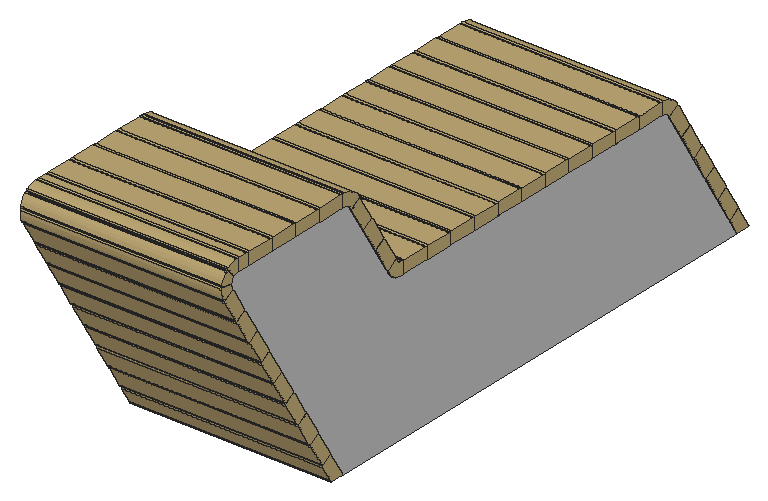
Revit family "L-FUR_벤치_YB-281_예건", category 일반 모델, Revit 2021
Family settings
  보강 철근 호스트 가능 = 아니오
  원형 커넥터 치수 = 지름 사용
  부품 유형 = 보통
  작업 기준면 기반 = 아니오
  항상 수직 = 예
  로드될 때 보이드를 사용하여 절단 = 아니오
  공유 = 아니오
  룸 계산 점 = 아니오
Parameters
  한국산업규격KS = ""
  조달청표준공사코드-세부공종 = ""
  기본 입면도 = 0 mm
  건설정보분류체계-부위분류 = "E943"
  LIM_INFO_주의사항 = "재배포, 재가공, 판매 금지"
  LIM_INFO_제품업체 = "예건"
  LIM_INFO_제품번호 = "YF-16"
  LIM_INFO_제품명 = "펜스_YF-16"
  LIM_INFO_제작일 = "20230315"
  LIM_INFO_재료 = "Hardwood, STL-pipe, STL-plate"
  LIM_INFO_업체정보 = ""
  LIM_INFO_업체URL = "https://yekun.com/"
  LIM_INFO_업체TEL = "(+82)31-943-6114"
  LIM_INFO_업체EMAIL = "yekun@yekun.com"
  LIM_INFO_버전 = "2023_V01"
  LIM_INFO_기타정보 = ""
  LIM_INFO_규격 = "W2000 x H1800"
  LIM_INFO_가격 = 0
  LIM_INFO_PV_포장재여부 = yes
  LIM_INFO_PV_면적 = 0.00 m²
  KBIMS_식별-버전 = ""
  KBIMS_식별-bSK등록번호 = ""
  KBIMS_보급정보-저작자 = "림인포테크_MMJ"
  KBIMS_보급정보-보급코드 = ""
Reference planes
  plane 1 "중심(앞/뒤)": y = 0
  plane 2: z = 0
  plane 3 "중심(왼쪽/오른쪽)": x = 0
Dimensions and locks
  aligned and locked: level to plane 2
Nested families
  nested 1: "YB-281_base" at (0, 0, 0), type "YB-281_base"
Definition of nested family "YB-281_base"
  Parameters (values of type "YB-281_base")
    Default Elevation = 0 mm
  Reference planes
    plane 1 "중심(앞/뒤)": y = 0
    plane 2: z = 0
    plane 3 "중심(왼쪽/오른쪽)": x = 0
  Forms (mm)
    Sweep 1, solid, not visible, detail levels fine
      path origin (0, 0, 0) x (1, 0, 0) y (0, 1, 0)
        loop
          circle (-1867.879, -167.062) r 568.25
      profile origin (-1867.879, 401.188, 0) x (0, -1, 0) y (0, 0, 1)
        loop
          circle (0, 0) r 28.75
        loop
          circle (0, 0) r 30.25
    Sweep 2, solid, not visible, detail levels coarse+medium
      path origin (0, 0, 0) x (1, 0, 0) y (0, 1, 0)
        loop
          circle (-1867.879, -167.062) r 568.25
      profile origin (-1867.879, 401.188, 0) x (0, -1, 0) y (0, 0, 1)
        loop
          line (26.465, -11.234) -> (26.657, 10.77) -> (11.234, 26.465) -> (-10.77, 26.657) -> (-26.465, 11.234) -> (-26.657, -10.77) -> (-11.234, -26.465) -> (10.77, -26.657) -> (26.465, -11.234)
        loop
          line (28.047, 11.332) -> (11.82, 27.845) -> (-11.332, 28.047) -> (-27.845, 11.82) -> (-28.047, -11.332) -> (-11.82, -27.845) -> (11.332, -28.047) -> (27.845, -11.82) -> (28.047, 11.332)
    Sweep 3, solid, not visible, detail levels fine
      path origin (0, 0, -1310.25) x (1, 0, 0) y (0, 1, 0)
        loop
          circle (-1867.879, -167.062) r 568.25
      profile origin (-1867.879, 401.188, -1310.25) x (0, -1, 0) y (0, 0, 1)
        loop
          circle (0, 1310.25) r 28.75
        loop
          circle (0, 1310.25) r 30.25
    Sweep 4, solid, not visible, detail levels coarse+medium
      path origin (0, 0, -1310.25) x (1, 0, 0) y (0, 1, 0)
        loop
          circle (-1867.879, -167.062) r 568.25
      profile origin (-1867.879, 401.188, -1310.25) x (0, -1, 0) y (0, 0, 1)
        loop
          line (26.465, 1299.016) -> (26.657, 1321.02) -> (11.234, 1336.715) -> (-10.77, 1336.907) -> (-26.465, 1321.484) -> (-26.657, 1299.48) -> (-11.234, 1283.785) -> (10.77, 1283.593) -> (26.465, 1299.016)
        loop
          line (28.047, 1321.582) -> (11.82, 1338.095) -> (-11.332, 1338.297) -> (-27.845, 1322.07) -> (-28.047, 1298.918) -> (-11.82, 1282.405) -> (11.332, 1282.203) -> (27.845, 1298.43) -> (28.047, 1321.582)
    Extrusion 5, solid, not visible
      sketch origin (0, 0, 0) x (1, 0, 0) y (0, 1, 0)
        loop
          line (-1678.243, -2480.024) -> (-1613.986, -2453.408)
          arc (-1613.986, -2453.408) -> (-1612.495, -2452.007) -> (-1612.304, -2449.969) r 2.893
          line (-1612.304, -2449.969) -> (-1622.315, -2413.562) -> (-1700.528, -2445.959) -> (-1681.864, -2478.781)
          arc (-1681.864, -2478.781) -> (-1680.288, -2480.087) -> (-1678.243, -2480.024) r 2.893
        loop
          line (-1517.968, -2394.568) -> (-1465.081, -2349.398)
          arc (-1465.081, -2349.398) -> (-1464.096, -2347.605) -> (-1464.544, -2345.608) r 2.893
          line (-1464.544, -2345.608) -> (-1485.315, -2314.077) -> (-1549.689, -2369.057) -> (-1521.796, -2394.505)
          arc (-1521.796, -2394.505) -> (-1519.893, -2395.26) -> (-1517.968, -2394.568) r 2.893
        loop
          line (-1391.945, -2263.766) -> (-1355.605, -2204.465)
          arc (-1355.605, -2204.465) -> (-1355.222, -2202.454) -> (-1356.265, -2200.694) r 2.893
          line (-1356.265, -2200.694) -> (-1385.763, -2177.125) -> (-1429.997, -2249.307) -> (-1395.605, -2264.89)
          arc (-1395.605, -2264.89) -> (-1393.562, -2265.02) -> (-1391.945, -2263.766) r 2.893
        loop
          line (-1312.509, -2100.424) -> (-1296.273, -2032.795)
          arc (-1296.273, -2032.795) -> (-1296.53, -2030.765) -> (-1298.067, -2029.413) r 2.893
          line (-1298.067, -2029.413) -> (-1333.404, -2016.112) -> (-1353.167, -2098.431) -> (-1315.643, -2102.623)
          arc (-1315.643, -2102.623) -> (-1313.66, -2102.116) -> (-1312.509, -2100.424) r 2.893
        loop
          line (-1287.437, -1920.529) -> (-1292.894, -1851.193)
          arc (-1292.894, -1851.193) -> (-1293.766, -1849.341) -> (-1295.645, -1848.53) r 2.893
          line (-1295.645, -1848.53) -> (-1333.364, -1846.801) -> (-1326.722, -1931.197) -> (-1289.738, -1923.589)
          arc (-1289.738, -1923.589) -> (-1288.009, -1922.494) -> (-1287.437, -1920.529) r 2.893
        loop
          line (-1319.183, -1741.691) -> (-1345.799, -1677.435)
          arc (-1345.799, -1677.435) -> (-1347.201, -1675.943) -> (-1349.238, -1675.753) r 2.893
          line (-1349.238, -1675.753) -> (-1385.645, -1685.763) -> (-1353.248, -1763.977) -> (-1320.426, -1745.312)
          arc (-1320.426, -1745.312) -> (-1319.12, -1743.736) -> (-1319.183, -1741.691) r 2.893
        loop
          line (-1404.64, -1581.416) -> (-1449.809, -1528.529)
          arc (-1449.809, -1528.529) -> (-1451.603, -1527.544) -> (-1453.6, -1527.992) r 2.893
          line (-1453.6, -1527.992) -> (-1485.131, -1548.764) -> (-1430.15, -1613.138) -> (-1404.702, -1585.244)
          arc (-1404.702, -1585.244) -> (-1403.947, -1583.342) -> (-1404.64, -1581.416) r 2.893
        loop
          line (-1535.441, -1455.393) -> (-1594.742, -1419.053)
          arc (-1594.742, -1419.053) -> (-1596.753, -1418.67) -> (-1598.513, -1419.714) r 2.893
          line (-1598.513, -1419.714) -> (-1622.083, -1449.212) -> (-1549.9, -1493.445) -> (-1534.317, -1459.053)
          arc (-1534.317, -1459.053) -> (-1534.187, -1457.01) -> (-1535.441, -1455.393) r 2.893
        loop
          line (-1698.784, -1375.958) -> (-1766.412, -1359.721)
          arc (-1766.412, -1359.721) -> (-1768.443, -1359.978) -> (-1769.795, -1361.515) r 2.893
          line (-1769.795, -1361.515) -> (-1783.095, -1396.853) -> (-1700.777, -1416.616) -> (-1696.584, -1379.091)
          arc (-1696.584, -1379.091) -> (-1697.091, -1377.108) -> (-1698.784, -1375.958) r 2.893
        loop
          line (-1878.679, -1350.886) -> (-1948.015, -1356.343)
          arc (-1948.015, -1356.343) -> (-1949.866, -1357.215) -> (-1950.677, -1359.094) r 2.893
          line (-1950.677, -1359.094) -> (-1952.406, -1396.812) -> (-1868.01, -1390.17) -> (-1875.618, -1353.187)
          arc (-1875.618, -1353.187) -> (-1876.713, -1351.457) -> (-1878.679, -1350.886) r 2.893
        loop
          line (-2057.516, -1382.632) -> (-2121.773, -1409.247)
          arc (-2121.773, -1409.247) -> (-2123.264, -1410.649) -> (-2123.455, -1412.687) r 2.893
          line (-2123.455, -1412.687) -> (-2113.444, -1449.093) -> (-2035.231, -1416.696) -> (-2053.895, -1383.874)
          arc (-2053.895, -1383.874) -> (-2055.471, -1382.568) -> (-2057.516, -1382.632) r 2.893
        loop
          line (-2217.791, -1468.088) -> (-2270.678, -1513.257)
          arc (-2270.678, -1513.257) -> (-2271.663, -1515.051) -> (-2271.215, -1517.048) r 2.893
          line (-2271.215, -1517.048) -> (-2250.444, -1548.579) -> (-2186.07, -1493.598) -> (-2213.963, -1468.15)
          arc (-2213.963, -1468.15) -> (-2215.865, -1467.395) -> (-2217.791, -1468.088) r 2.893
        loop
          line (-2343.814, -1598.889) -> (-2380.154, -1658.191)
          arc (-2380.154, -1658.191) -> (-2380.537, -1660.201) -> (-2379.494, -1661.962) r 2.893
          line (-2379.494, -1661.962) -> (-2349.996, -1685.531) -> (-2305.762, -1613.349) -> (-2340.154, -1597.766)
          arc (-2340.154, -1597.766) -> (-2342.197, -1597.635) -> (-2343.814, -1598.889) r 2.893
        loop
          line (-2437.692, -1833.243) -> (-2402.355, -1846.543) -> (-2382.592, -1764.225) -> (-2420.116, -1760.032)
          arc (-2420.116, -1760.032) -> (-2422.099, -1760.539) -> (-2423.25, -1762.232) r 2.893
          line (-2423.25, -1762.232) -> (-2439.486, -1829.861)
          arc (-2439.486, -1829.861) -> (-2439.229, -1831.891) -> (-2437.692, -1833.243) r 2.893
        loop
          line (-2440.113, -2014.125) -> (-2402.395, -2015.855) -> (-2409.037, -1931.458) -> (-2446.021, -1939.067)
          arc (-2446.021, -1939.067) -> (-2447.75, -1940.162) -> (-2448.322, -1942.127) r 2.893
          line (-2448.322, -1942.127) -> (-2442.865, -2011.463)
          arc (-2442.865, -2011.463) -> (-2441.993, -2013.314) -> (-2440.113, -2014.125) r 2.893
        loop
          line (-2386.521, -2186.903) -> (-2350.114, -2176.892) -> (-2382.511, -2098.679) -> (-2415.333, -2117.343)
          arc (-2415.333, -2117.343) -> (-2416.639, -2118.919) -> (-2416.576, -2120.965) r 2.893
          line (-2416.576, -2120.965) -> (-2389.96, -2185.221)
          arc (-2389.96, -2185.221) -> (-2388.558, -2186.712) -> (-2386.521, -2186.903) r 2.893
        loop
          line (-2282.159, -2334.663) -> (-2250.628, -2313.892) -> (-2305.609, -2249.518) -> (-2331.057, -2277.412)
          arc (-2331.057, -2277.412) -> (-2331.812, -2279.314) -> (-2331.119, -2281.24) r 2.893
          line (-2331.119, -2281.24) -> (-2285.95, -2334.126)
          arc (-2285.95, -2334.126) -> (-2284.156, -2335.112) -> (-2282.159, -2334.663) r 2.893
        loop
          line (-2137.246, -2442.942) -> (-2113.676, -2413.444) -> (-2185.859, -2369.21) -> (-2201.441, -2403.603)
          arc (-2201.441, -2403.603) -> (-2201.572, -2405.645) -> (-2200.318, -2407.263) r 2.893
          line (-2200.318, -2407.263) -> (-2141.017, -2443.603)
          arc (-2141.017, -2443.603) -> (-2139.006, -2443.986) -> (-2137.246, -2442.942) r 2.893
        loop
          line (-1965.964, -2501.141) -> (-1952.664, -2465.803) -> (-2034.982, -2446.04) -> (-2039.175, -2483.564)
          arc (-2039.175, -2483.564) -> (-2038.668, -2485.547) -> (-2036.975, -2486.698) r 2.893
          line (-2036.975, -2486.698) -> (-1969.347, -2502.934)
          arc (-1969.347, -2502.934) -> (-1967.316, -2502.677) -> (-1965.964, -2501.141) r 2.893
        loop
          line (-1785.082, -2503.562) -> (-1783.353, -2465.844) -> (-1867.749, -2472.486) -> (-1860.141, -2509.469)
          arc (-1860.141, -2509.469) -> (-1859.046, -2511.198) -> (-1857.08, -2511.77) r 2.893
          line (-1857.08, -2511.77) -> (-1787.744, -2506.313)
          arc (-1787.744, -2506.313) -> (-1785.893, -2505.441) -> (-1785.082, -2503.562) r 2.893
      from 0 to 680
    Extrusion 6, solid, not visible
      sketch origin (-326.184, 269.167, 0) x (0.987613, 0.156911, 0) y (-0.156911, 0.987613, 0)
        loop
          line (-1678.243, -2480.024) -> (-1613.986, -2453.408)
          arc (-1613.986, -2453.408) -> (-1612.495, -2452.007) -> (-1612.304, -2449.969) r 2.893
          line (-1612.304, -2449.969) -> (-1622.315, -2413.562) -> (-1700.528, -2445.959) -> (-1681.864, -2478.781)
          arc (-1681.864, -2478.781) -> (-1680.288, -2480.087) -> (-1678.243, -2480.024) r 2.893
        loop
          line (-1517.968, -2394.568) -> (-1465.081, -2349.398)
          arc (-1465.081, -2349.398) -> (-1464.096, -2347.605) -> (-1464.544, -2345.608) r 2.893
          line (-1464.544, -2345.608) -> (-1485.315, -2314.077) -> (-1549.689, -2369.057) -> (-1521.796, -2394.505)
          arc (-1521.796, -2394.505) -> (-1519.893, -2395.26) -> (-1517.968, -2394.568) r 2.893
        loop
          line (-1391.945, -2263.766) -> (-1355.605, -2204.465)
          arc (-1355.605, -2204.465) -> (-1355.222, -2202.454) -> (-1356.265, -2200.694) r 2.893
          line (-1356.265, -2200.694) -> (-1385.763, -2177.125) -> (-1429.997, -2249.307) -> (-1395.605, -2264.89)
          arc (-1395.605, -2264.89) -> (-1393.562, -2265.02) -> (-1391.945, -2263.766) r 2.893
        loop
          line (-1312.509, -2100.424) -> (-1296.273, -2032.795)
          arc (-1296.273, -2032.795) -> (-1296.53, -2030.765) -> (-1298.067, -2029.413) r 2.893
          line (-1298.067, -2029.413) -> (-1333.404, -2016.112) -> (-1353.167, -2098.431) -> (-1315.643, -2102.623)
          arc (-1315.643, -2102.623) -> (-1313.66, -2102.116) -> (-1312.509, -2100.424) r 2.893
        loop
          line (-1287.437, -1920.529) -> (-1292.894, -1851.193)
          arc (-1292.894, -1851.193) -> (-1293.766, -1849.341) -> (-1295.645, -1848.53) r 2.893
          line (-1295.645, -1848.53) -> (-1333.364, -1846.801) -> (-1326.722, -1931.197) -> (-1289.738, -1923.589)
          arc (-1289.738, -1923.589) -> (-1288.009, -1922.494) -> (-1287.437, -1920.529) r 2.893
        loop
          line (-1319.183, -1741.691) -> (-1345.799, -1677.435)
          arc (-1345.799, -1677.435) -> (-1347.201, -1675.943) -> (-1349.238, -1675.753) r 2.893
          line (-1349.238, -1675.753) -> (-1385.645, -1685.763) -> (-1353.248, -1763.977) -> (-1320.426, -1745.312)
          arc (-1320.426, -1745.312) -> (-1319.12, -1743.736) -> (-1319.183, -1741.691) r 2.893
        loop
          line (-1404.64, -1581.416) -> (-1449.809, -1528.529)
          arc (-1449.809, -1528.529) -> (-1451.603, -1527.544) -> (-1453.6, -1527.992) r 2.893
          line (-1453.6, -1527.992) -> (-1485.131, -1548.764) -> (-1430.15, -1613.138) -> (-1404.702, -1585.244)
          arc (-1404.702, -1585.244) -> (-1403.947, -1583.342) -> (-1404.64, -1581.416) r 2.893
        loop
          line (-1535.441, -1455.393) -> (-1594.742, -1419.053)
          arc (-1594.742, -1419.053) -> (-1596.753, -1418.67) -> (-1598.513, -1419.714) r 2.893
          line (-1598.513, -1419.714) -> (-1622.083, -1449.212) -> (-1549.9, -1493.445) -> (-1534.317, -1459.053)
          arc (-1534.317, -1459.053) -> (-1534.187, -1457.01) -> (-1535.441, -1455.393) r 2.893
        loop
          line (-1698.784, -1375.958) -> (-1766.412, -1359.721)
          arc (-1766.412, -1359.721) -> (-1768.443, -1359.978) -> (-1769.795, -1361.515) r 2.893
          line (-1769.795, -1361.515) -> (-1783.095, -1396.853) -> (-1700.777, -1416.616) -> (-1696.584, -1379.091)
          arc (-1696.584, -1379.091) -> (-1697.091, -1377.108) -> (-1698.784, -1375.958) r 2.893
        loop
          line (-1878.679, -1350.886) -> (-1948.015, -1356.343)
          arc (-1948.015, -1356.343) -> (-1949.866, -1357.215) -> (-1950.677, -1359.094) r 2.893
          line (-1950.677, -1359.094) -> (-1952.406, -1396.812) -> (-1868.01, -1390.17) -> (-1875.618, -1353.187)
          arc (-1875.618, -1353.187) -> (-1876.713, -1351.457) -> (-1878.679, -1350.886) r 2.893
        loop
          line (-2057.516, -1382.632) -> (-2121.773, -1409.247)
          arc (-2121.773, -1409.247) -> (-2123.264, -1410.649) -> (-2123.455, -1412.687) r 2.893
          line (-2123.455, -1412.687) -> (-2113.444, -1449.093) -> (-2035.231, -1416.696) -> (-2053.895, -1383.874)
          arc (-2053.895, -1383.874) -> (-2055.471, -1382.568) -> (-2057.516, -1382.632) r 2.893
        loop
          line (-2217.791, -1468.088) -> (-2270.678, -1513.257)
          arc (-2270.678, -1513.257) -> (-2271.663, -1515.051) -> (-2271.215, -1517.048) r 2.893
          line (-2271.215, -1517.048) -> (-2250.444, -1548.579) -> (-2186.07, -1493.598) -> (-2213.963, -1468.15)
          arc (-2213.963, -1468.15) -> (-2215.865, -1467.395) -> (-2217.791, -1468.088) r 2.893
        loop
          line (-2343.814, -1598.889) -> (-2380.154, -1658.191)
          arc (-2380.154, -1658.191) -> (-2380.537, -1660.201) -> (-2379.494, -1661.962) r 2.893
          line (-2379.494, -1661.962) -> (-2349.996, -1685.531) -> (-2305.762, -1613.349) -> (-2340.154, -1597.766)
          arc (-2340.154, -1597.766) -> (-2342.197, -1597.635) -> (-2343.814, -1598.889) r 2.893
        loop
          line (-2437.692, -1833.243) -> (-2402.355, -1846.543) -> (-2382.592, -1764.225) -> (-2420.116, -1760.032)
          arc (-2420.116, -1760.032) -> (-2422.099, -1760.539) -> (-2423.25, -1762.232) r 2.893
          line (-2423.25, -1762.232) -> (-2439.486, -1829.861)
          arc (-2439.486, -1829.861) -> (-2439.229, -1831.891) -> (-2437.692, -1833.243) r 2.893
        loop
          line (-2440.113, -2014.125) -> (-2402.395, -2015.855) -> (-2409.037, -1931.458) -> (-2446.021, -1939.067)
          arc (-2446.021, -1939.067) -> (-2447.75, -1940.162) -> (-2448.322, -1942.127) r 2.893
          line (-2448.322, -1942.127) -> (-2442.865, -2011.463)
          arc (-2442.865, -2011.463) -> (-2441.993, -2013.314) -> (-2440.113, -2014.125) r 2.893
        loop
          line (-2386.521, -2186.903) -> (-2350.114, -2176.892) -> (-2382.511, -2098.679) -> (-2415.333, -2117.343)
          arc (-2415.333, -2117.343) -> (-2416.639, -2118.919) -> (-2416.576, -2120.965) r 2.893
          line (-2416.576, -2120.965) -> (-2389.96, -2185.221)
          arc (-2389.96, -2185.221) -> (-2388.558, -2186.712) -> (-2386.521, -2186.903) r 2.893
        loop
          line (-2282.159, -2334.663) -> (-2250.628, -2313.892) -> (-2305.609, -2249.518) -> (-2331.057, -2277.412)
          arc (-2331.057, -2277.412) -> (-2331.812, -2279.314) -> (-2331.119, -2281.24) r 2.893
          line (-2331.119, -2281.24) -> (-2285.95, -2334.126)
          arc (-2285.95, -2334.126) -> (-2284.156, -2335.112) -> (-2282.159, -2334.663) r 2.893
        loop
          line (-2137.246, -2442.942) -> (-2113.676, -2413.444) -> (-2185.859, -2369.21) -> (-2201.441, -2403.603)
          arc (-2201.441, -2403.603) -> (-2201.572, -2405.645) -> (-2200.318, -2407.263) r 2.893
          line (-2200.318, -2407.263) -> (-2141.017, -2443.603)
          arc (-2141.017, -2443.603) -> (-2139.006, -2443.986) -> (-2137.246, -2442.942) r 2.893
        loop
          line (-1965.964, -2501.141) -> (-1952.664, -2465.803) -> (-2034.982, -2446.04) -> (-2039.175, -2483.564)
          arc (-2039.175, -2483.564) -> (-2038.668, -2485.547) -> (-2036.975, -2486.698) r 2.893
          line (-2036.975, -2486.698) -> (-1969.347, -2502.934)
          arc (-1969.347, -2502.934) -> (-1967.316, -2502.677) -> (-1965.964, -2501.141) r 2.893
        loop
          line (-1785.082, -2503.562) -> (-1783.353, -2465.844) -> (-1867.749, -2472.486) -> (-1860.141, -2509.469)
          arc (-1860.141, -2509.469) -> (-1859.046, -2511.198) -> (-1857.08, -2511.77) r 2.893
          line (-1857.08, -2511.77) -> (-1787.744, -2506.313)
          arc (-1787.744, -2506.313) -> (-1785.893, -2505.441) -> (-1785.082, -2503.562) r 2.893
      from 0 to 680
    Extrusion 7, solid, not visible
      sketch origin (0, 0, 0) x (1, 0, 0) y (0, 1, 0)
        loop
          circle (-1867.879, -1931.328) r 537.5
        loop
          circle (-1867.879, -1931.328) r 539.5
      from 0 to 794.31
    Sweep 8, solid, not visible, detail levels fine
      path origin (0, -1764.266, -542.405) x (1, 0, 0) y (0, 1, 0)
        loop
          circle (-1867.879, -167.062) r 568.25
      profile origin (-1867.879, -1363.078, -542.405) x (0, -1, 0) y (0, 0, 1)
        loop
          circle (0, 1310.25) r 28.75
        loop
          circle (0, 1310.25) r 30.25
    Sweep 9, solid, not visible, detail levels coarse+medium
      path origin (0, -1764.266, -542.405) x (1, 0, 0) y (0, 1, 0)
        loop
          circle (-1867.879, -167.062) r 568.25
      profile origin (-1867.879, -1363.078, -542.405) x (0, -1, 0) y (0, 0, 1)
        loop
          line (26.465, 1299.016) -> (26.657, 1321.02) -> (11.234, 1336.715) -> (-10.77, 1336.907) -> (-26.465, 1321.484) -> (-26.657, 1299.48) -> (-11.234, 1283.785) -> (10.77, 1283.593) -> (26.465, 1299.016)
        loop
          line (28.047, 1321.582) -> (11.82, 1338.095) -> (-11.332, 1338.297) -> (-27.845, 1322.07) -> (-28.047, 1298.918) -> (-11.82, 1282.405) -> (11.332, 1282.203) -> (27.845, 1298.43) -> (28.047, 1321.582)
    Sweep 10, solid, not visible, detail levels fine
      path origin (0, -1764.266, -1278.297) x (1, 0, 0) y (0, 1, 0)
        loop
          circle (-1867.879, -167.062) r 568.25
      profile origin (-1867.879, -1363.078, -1278.297) x (0, -1, 0) y (0, 0, 1)
        loop
          circle (0, 1310.25) r 28.75
        loop
          circle (0, 1310.25) r 30.25
    Sweep 11, solid, not visible, detail levels coarse+medium
      path origin (0, -1764.266, -1278.297) x (1, 0, 0) y (0, 1, 0)
        loop
          circle (-1867.879, -167.062) r 568.25
      profile origin (-1867.879, -1363.078, -1278.297) x (0, -1, 0) y (0, 0, 1)
        loop
          line (26.465, 1299.016) -> (26.657, 1321.02) -> (11.234, 1336.715) -> (-10.77, 1336.907) -> (-26.465, 1321.484) -> (-26.657, 1299.48) -> (-11.234, 1283.785) -> (10.77, 1283.593) -> (26.465, 1299.016)
        loop
          line (28.047, 1321.582) -> (11.82, 1338.095) -> (-11.332, 1338.297) -> (-27.845, 1322.07) -> (-28.047, 1298.918) -> (-11.82, 1282.405) -> (11.332, 1282.203) -> (27.845, 1298.43) -> (28.047, 1321.582)
    Extrusion 12, solid, not visible
      sketch origin (0, 0, 60) x (1, 0, 0) y (0, 1, 0)
        loop
          line (-1678.243, -2480.024) -> (-1613.986, -2453.408)
          arc (-1613.986, -2453.408) -> (-1612.495, -2452.007) -> (-1612.304, -2449.969) r 2.893
          line (-1612.304, -2449.969) -> (-1622.315, -2413.562) -> (-1700.528, -2445.959) -> (-1681.864, -2478.781)
          arc (-1681.864, -2478.781) -> (-1680.288, -2480.087) -> (-1678.243, -2480.024) r 2.893
        loop
          line (-1517.968, -2394.568) -> (-1465.081, -2349.398)
          arc (-1465.081, -2349.398) -> (-1464.096, -2347.605) -> (-1464.544, -2345.608) r 2.893
          line (-1464.544, -2345.608) -> (-1485.315, -2314.077) -> (-1549.689, -2369.057) -> (-1521.796, -2394.505)
          arc (-1521.796, -2394.505) -> (-1519.893, -2395.26) -> (-1517.968, -2394.568) r 2.893
        loop
          line (-1391.945, -2263.766) -> (-1355.605, -2204.465)
          arc (-1355.605, -2204.465) -> (-1355.222, -2202.454) -> (-1356.265, -2200.694) r 2.893
          line (-1356.265, -2200.694) -> (-1385.763, -2177.125) -> (-1429.997, -2249.307) -> (-1395.605, -2264.89)
          arc (-1395.605, -2264.89) -> (-1393.562, -2265.02) -> (-1391.945, -2263.766) r 2.893
        loop
          line (-1312.509, -2100.424) -> (-1296.273, -2032.795)
          arc (-1296.273, -2032.795) -> (-1296.53, -2030.765) -> (-1298.067, -2029.413) r 2.893
          line (-1298.067, -2029.413) -> (-1333.404, -2016.112) -> (-1353.167, -2098.431) -> (-1315.643, -2102.623)
          arc (-1315.643, -2102.623) -> (-1313.66, -2102.116) -> (-1312.509, -2100.424) r 2.893
        loop
          line (-1287.437, -1920.529) -> (-1292.894, -1851.193)
          arc (-1292.894, -1851.193) -> (-1293.766, -1849.341) -> (-1295.645, -1848.53) r 2.893
          line (-1295.645, -1848.53) -> (-1333.364, -1846.801) -> (-1326.722, -1931.197) -> (-1289.738, -1923.589)
          arc (-1289.738, -1923.589) -> (-1288.009, -1922.494) -> (-1287.437, -1920.529) r 2.893
        loop
          line (-1319.183, -1741.691) -> (-1345.799, -1677.435)
          arc (-1345.799, -1677.435) -> (-1347.201, -1675.943) -> (-1349.238, -1675.753) r 2.893
          line (-1349.238, -1675.753) -> (-1385.645, -1685.763) -> (-1353.248, -1763.977) -> (-1320.426, -1745.312)
          arc (-1320.426, -1745.312) -> (-1319.12, -1743.736) -> (-1319.183, -1741.691) r 2.893
        loop
          line (-1404.64, -1581.416) -> (-1449.809, -1528.529)
          arc (-1449.809, -1528.529) -> (-1451.603, -1527.544) -> (-1453.6, -1527.992) r 2.893
          line (-1453.6, -1527.992) -> (-1485.131, -1548.764) -> (-1430.15, -1613.138) -> (-1404.702, -1585.244)
          arc (-1404.702, -1585.244) -> (-1403.947, -1583.342) -> (-1404.64, -1581.416) r 2.893
        loop
          line (-1535.441, -1455.393) -> (-1594.742, -1419.053)
          arc (-1594.742, -1419.053) -> (-1596.753, -1418.67) -> (-1598.513, -1419.714) r 2.893
          line (-1598.513, -1419.714) -> (-1622.083, -1449.212) -> (-1549.9, -1493.445) -> (-1534.317, -1459.053)
          arc (-1534.317, -1459.053) -> (-1534.187, -1457.01) -> (-1535.441, -1455.393) r 2.893
        loop
          line (-1698.784, -1375.958) -> (-1766.412, -1359.721)
          arc (-1766.412, -1359.721) -> (-1768.443, -1359.978) -> (-1769.795, -1361.515) r 2.893
          line (-1769.795, -1361.515) -> (-1783.095, -1396.853) -> (-1700.777, -1416.616) -> (-1696.584, -1379.091)
          arc (-1696.584, -1379.091) -> (-1697.091, -1377.108) -> (-1698.784, -1375.958) r 2.893
        loop
          line (-1878.679, -1350.886) -> (-1948.015, -1356.343)
          arc (-1948.015, -1356.343) -> (-1949.866, -1357.215) -> (-1950.677, -1359.094) r 2.893
          line (-1950.677, -1359.094) -> (-1952.406, -1396.812) -> (-1868.01, -1390.17) -> (-1875.618, -1353.187)
          arc (-1875.618, -1353.187) -> (-1876.713, -1351.457) -> (-1878.679, -1350.886) r 2.893
        loop
          line (-2057.516, -1382.632) -> (-2121.773, -1409.247)
          arc (-2121.773, -1409.247) -> (-2123.264, -1410.649) -> (-2123.455, -1412.687) r 2.893
          line (-2123.455, -1412.687) -> (-2113.444, -1449.093) -> (-2035.231, -1416.696) -> (-2053.895, -1383.874)
          arc (-2053.895, -1383.874) -> (-2055.471, -1382.568) -> (-2057.516, -1382.632) r 2.893
        loop
          line (-2217.791, -1468.088) -> (-2270.678, -1513.257)
          arc (-2270.678, -1513.257) -> (-2271.663, -1515.051) -> (-2271.215, -1517.048) r 2.893
          line (-2271.215, -1517.048) -> (-2250.444, -1548.579) -> (-2186.07, -1493.598) -> (-2213.963, -1468.15)
          arc (-2213.963, -1468.15) -> (-2215.865, -1467.395) -> (-2217.791, -1468.088) r 2.893
        loop
          line (-2343.814, -1598.889) -> (-2380.154, -1658.191)
          arc (-2380.154, -1658.191) -> (-2380.537, -1660.201) -> (-2379.494, -1661.962) r 2.893
          line (-2379.494, -1661.962) -> (-2349.996, -1685.531) -> (-2305.762, -1613.349) -> (-2340.154, -1597.766)
          arc (-2340.154, -1597.766) -> (-2342.197, -1597.635) -> (-2343.814, -1598.889) r 2.893
        loop
          line (-2437.692, -1833.243) -> (-2402.355, -1846.543) -> (-2382.592, -1764.225) -> (-2420.116, -1760.032)
          arc (-2420.116, -1760.032) -> (-2422.099, -1760.539) -> (-2423.25, -1762.232) r 2.893
          line (-2423.25, -1762.232) -> (-2439.486, -1829.861)
          arc (-2439.486, -1829.861) -> (-2439.229, -1831.891) -> (-2437.692, -1833.243) r 2.893
        loop
          line (-2440.113, -2014.125) -> (-2402.395, -2015.855) -> (-2409.037, -1931.458) -> (-2446.021, -1939.067)
          arc (-2446.021, -1939.067) -> (-2447.75, -1940.162) -> (-2448.322, -1942.127) r 2.893
          line (-2448.322, -1942.127) -> (-2442.865, -2011.463)
          arc (-2442.865, -2011.463) -> (-2441.993, -2013.314) -> (-2440.113, -2014.125) r 2.893
        loop
          line (-2386.521, -2186.903) -> (-2350.114, -2176.892) -> (-2382.511, -2098.679) -> (-2415.333, -2117.343)
          arc (-2415.333, -2117.343) -> (-2416.639, -2118.919) -> (-2416.576, -2120.965) r 2.893
          line (-2416.576, -2120.965) -> (-2389.96, -2185.221)
          arc (-2389.96, -2185.221) -> (-2388.558, -2186.712) -> (-2386.521, -2186.903) r 2.893
        loop
          line (-2282.159, -2334.663) -> (-2250.628, -2313.892) -> (-2305.609, -2249.518) -> (-2331.057, -2277.412)
          arc (-2331.057, -2277.412) -> (-2331.812, -2279.314) -> (-2331.119, -2281.24) r 2.893
          line (-2331.119, -2281.24) -> (-2285.95, -2334.126)
          arc (-2285.95, -2334.126) -> (-2284.156, -2335.112) -> (-2282.159, -2334.663) r 2.893
        loop
          line (-2137.246, -2442.942) -> (-2113.676, -2413.444) -> (-2185.859, -2369.21) -> (-2201.441, -2403.603)
          arc (-2201.441, -2403.603) -> (-2201.572, -2405.645) -> (-2200.318, -2407.263) r 2.893
          line (-2200.318, -2407.263) -> (-2141.017, -2443.603)
          arc (-2141.017, -2443.603) -> (-2139.006, -2443.986) -> (-2137.246, -2442.942) r 2.893
        loop
          line (-1965.964, -2501.141) -> (-1952.664, -2465.803) -> (-2034.982, -2446.04) -> (-2039.175, -2483.564)
          arc (-2039.175, -2483.564) -> (-2038.668, -2485.547) -> (-2036.975, -2486.698) r 2.893
          line (-2036.975, -2486.698) -> (-1969.347, -2502.934)
          arc (-1969.347, -2502.934) -> (-1967.316, -2502.677) -> (-1965.964, -2501.141) r 2.893
        loop
          line (-1785.082, -2503.562) -> (-1783.353, -2465.844) -> (-1867.749, -2472.486) -> (-1860.141, -2509.469)
          arc (-1860.141, -2509.469) -> (-1859.046, -2511.198) -> (-1857.08, -2511.77) r 2.893
          line (-1857.08, -2511.77) -> (-1787.744, -2506.313)
          arc (-1787.744, -2506.313) -> (-1785.893, -2505.441) -> (-1785.082, -2503.562) r 2.893
      from 0 to 680
    Extrusion 13, solid, not visible
      sketch origin (-326.184, 269.167, 60) x (0.987613, 0.156911, 0) y (-0.156911, 0.987613, 0)
        loop
          line (-1678.243, -2480.024) -> (-1613.986, -2453.408)
          arc (-1613.986, -2453.408) -> (-1612.495, -2452.007) -> (-1612.304, -2449.969) r 2.893
          line (-1612.304, -2449.969) -> (-1622.315, -2413.562) -> (-1700.528, -2445.959) -> (-1681.864, -2478.781)
          arc (-1681.864, -2478.781) -> (-1680.288, -2480.087) -> (-1678.243, -2480.024) r 2.893
        loop
          line (-1517.968, -2394.568) -> (-1465.081, -2349.398)
          arc (-1465.081, -2349.398) -> (-1464.096, -2347.605) -> (-1464.544, -2345.608) r 2.893
          line (-1464.544, -2345.608) -> (-1485.315, -2314.077) -> (-1549.689, -2369.057) -> (-1521.796, -2394.505)
          arc (-1521.796, -2394.505) -> (-1519.893, -2395.26) -> (-1517.968, -2394.568) r 2.893
        loop
          line (-1391.945, -2263.766) -> (-1355.605, -2204.465)
          arc (-1355.605, -2204.465) -> (-1355.222, -2202.454) -> (-1356.265, -2200.694) r 2.893
          line (-1356.265, -2200.694) -> (-1385.763, -2177.125) -> (-1429.997, -2249.307) -> (-1395.605, -2264.89)
          arc (-1395.605, -2264.89) -> (-1393.562, -2265.02) -> (-1391.945, -2263.766) r 2.893
        loop
          line (-1312.509, -2100.424) -> (-1296.273, -2032.795)
          arc (-1296.273, -2032.795) -> (-1296.53, -2030.765) -> (-1298.067, -2029.413) r 2.893
          line (-1298.067, -2029.413) -> (-1333.404, -2016.112) -> (-1353.167, -2098.431) -> (-1315.643, -2102.623)
          arc (-1315.643, -2102.623) -> (-1313.66, -2102.116) -> (-1312.509, -2100.424) r 2.893
        loop
          line (-1287.437, -1920.529) -> (-1292.894, -1851.193)
          arc (-1292.894, -1851.193) -> (-1293.766, -1849.341) -> (-1295.645, -1848.53) r 2.893
          line (-1295.645, -1848.53) -> (-1333.364, -1846.801) -> (-1326.722, -1931.197) -> (-1289.738, -1923.589)
          arc (-1289.738, -1923.589) -> (-1288.009, -1922.494) -> (-1287.437, -1920.529) r 2.893
        loop
          line (-1319.183, -1741.691) -> (-1345.799, -1677.435)
          arc (-1345.799, -1677.435) -> (-1347.201, -1675.943) -> (-1349.238, -1675.753) r 2.893
          line (-1349.238, -1675.753) -> (-1385.645, -1685.763) -> (-1353.248, -1763.977) -> (-1320.426, -1745.312)
          arc (-1320.426, -1745.312) -> (-1319.12, -1743.736) -> (-1319.183, -1741.691) r 2.893
        loop
          line (-1404.64, -1581.416) -> (-1449.809, -1528.529)
          arc (-1449.809, -1528.529) -> (-1451.603, -1527.544) -> (-1453.6, -1527.992) r 2.893
          line (-1453.6, -1527.992) -> (-1485.131, -1548.764) -> (-1430.15, -1613.138) -> (-1404.702, -1585.244)
          arc (-1404.702, -1585.244) -> (-1403.947, -1583.342) -> (-1404.64, -1581.416) r 2.893
        loop
          line (-1535.441, -1455.393) -> (-1594.742, -1419.053)
          arc (-1594.742, -1419.053) -> (-1596.753, -1418.67) -> (-1598.513, -1419.714) r 2.893
          line (-1598.513, -1419.714) -> (-1622.083, -1449.212) -> (-1549.9, -1493.445) -> (-1534.317, -1459.053)
          arc (-1534.317, -1459.053) -> (-1534.187, -1457.01) -> (-1535.441, -1455.393) r 2.893
        loop
          line (-1698.784, -1375.958) -> (-1766.412, -1359.721)
          arc (-1766.412, -1359.721) -> (-1768.443, -1359.978) -> (-1769.795, -1361.515) r 2.893
          line (-1769.795, -1361.515) -> (-1783.095, -1396.853) -> (-1700.777, -1416.616) -> (-1696.584, -1379.091)
          arc (-1696.584, -1379.091) -> (-1697.091, -1377.108) -> (-1698.784, -1375.958) r 2.893
        loop
          line (-1878.679, -1350.886) -> (-1948.015, -1356.343)
          arc (-1948.015, -1356.343) -> (-1949.866, -1357.215) -> (-1950.677, -1359.094) r 2.893
          line (-1950.677, -1359.094) -> (-1952.406, -1396.812) -> (-1868.01, -1390.17) -> (-1875.618, -1353.187)
          arc (-1875.618, -1353.187) -> (-1876.713, -1351.457) -> (-1878.679, -1350.886) r 2.893
        loop
          line (-2057.516, -1382.632) -> (-2121.773, -1409.247)
          arc (-2121.773, -1409.247) -> (-2123.264, -1410.649) -> (-2123.455, -1412.687) r 2.893
          line (-2123.455, -1412.687) -> (-2113.444, -1449.093) -> (-2035.231, -1416.696) -> (-2053.895, -1383.874)
          arc (-2053.895, -1383.874) -> (-2055.471, -1382.568) -> (-2057.516, -1382.632) r 2.893
        loop
          line (-2217.791, -1468.088) -> (-2270.678, -1513.257)
          arc (-2270.678, -1513.257) -> (-2271.663, -1515.051) -> (-2271.215, -1517.048) r 2.893
          line (-2271.215, -1517.048) -> (-2250.444, -1548.579) -> (-2186.07, -1493.598) -> (-2213.963, -1468.15)
          arc (-2213.963, -1468.15) -> (-2215.865, -1467.395) -> (-2217.791, -1468.088) r 2.893
        loop
          line (-2343.814, -1598.889) -> (-2380.154, -1658.191)
          arc (-2380.154, -1658.191) -> (-2380.537, -1660.201) -> (-2379.494, -1661.962) r 2.893
          line (-2379.494, -1661.962) -> (-2349.996, -1685.531) -> (-2305.762, -1613.349) -> (-2340.154, -1597.766)
          arc (-2340.154, -1597.766) -> (-2342.197, -1597.635) -> (-2343.814, -1598.889) r 2.893
        loop
          line (-2437.692, -1833.243) -> (-2402.355, -1846.543) -> (-2382.592, -1764.225) -> (-2420.116, -1760.032)
          arc (-2420.116, -1760.032) -> (-2422.099, -1760.539) -> (-2423.25, -1762.232) r 2.893
          line (-2423.25, -1762.232) -> (-2439.486, -1829.861)
          arc (-2439.486, -1829.861) -> (-2439.229, -1831.891) -> (-2437.692, -1833.243) r 2.893
        loop
          line (-2440.113, -2014.125) -> (-2402.395, -2015.855) -> (-2409.037, -1931.458) -> (-2446.021, -1939.067)
          arc (-2446.021, -1939.067) -> (-2447.75, -1940.162) -> (-2448.322, -1942.127) r 2.893
          line (-2448.322, -1942.127) -> (-2442.865, -2011.463)
          arc (-2442.865, -2011.463) -> (-2441.993, -2013.314) -> (-2440.113, -2014.125) r 2.893
        loop
          line (-2386.521, -2186.903) -> (-2350.114, -2176.892) -> (-2382.511, -2098.679) -> (-2415.333, -2117.343)
          arc (-2415.333, -2117.343) -> (-2416.639, -2118.919) -> (-2416.576, -2120.965) r 2.893
          line (-2416.576, -2120.965) -> (-2389.96, -2185.221)
          arc (-2389.96, -2185.221) -> (-2388.558, -2186.712) -> (-2386.521, -2186.903) r 2.893
        loop
          line (-2282.159, -2334.663) -> (-2250.628, -2313.892) -> (-2305.609, -2249.518) -> (-2331.057, -2277.412)
          arc (-2331.057, -2277.412) -> (-2331.812, -2279.314) -> (-2331.119, -2281.24) r 2.893
          line (-2331.119, -2281.24) -> (-2285.95, -2334.126)
          arc (-2285.95, -2334.126) -> (-2284.156, -2335.112) -> (-2282.159, -2334.663) r 2.893
        loop
          line (-2137.246, -2442.942) -> (-2113.676, -2413.444) -> (-2185.859, -2369.21) -> (-2201.441, -2403.603)
          arc (-2201.441, -2403.603) -> (-2201.572, -2405.645) -> (-2200.318, -2407.263) r 2.893
          line (-2200.318, -2407.263) -> (-2141.017, -2443.603)
          arc (-2141.017, -2443.603) -> (-2139.006, -2443.986) -> (-2137.246, -2442.942) r 2.893
        loop
          line (-1965.964, -2501.141) -> (-1952.664, -2465.803) -> (-2034.982, -2446.04) -> (-2039.175, -2483.564)
          arc (-2039.175, -2483.564) -> (-2038.668, -2485.547) -> (-2036.975, -2486.698) r 2.893
          line (-2036.975, -2486.698) -> (-1969.347, -2502.934)
          arc (-1969.347, -2502.934) -> (-1967.316, -2502.677) -> (-1965.964, -2501.141) r 2.893
        loop
          line (-1785.082, -2503.562) -> (-1783.353, -2465.844) -> (-1867.749, -2472.486) -> (-1860.141, -2509.469)
          arc (-1860.141, -2509.469) -> (-1859.046, -2511.198) -> (-1857.08, -2511.77) r 2.893
          line (-1857.08, -2511.77) -> (-1787.744, -2506.313)
          arc (-1787.744, -2506.313) -> (-1785.893, -2505.441) -> (-1785.082, -2503.562) r 2.893
      from 0 to 680
    Extrusion 14, solid, not visible
      sketch origin (0, -1764.266, 4.107) x (1, 0, 0) y (0, 1, 0)
        loop
          arc (-2404.542, -137.062) -> (-2405.379, -167.062) -> (-2404.542, -197.062) r 537.5
          line (-2404.542, -197.062) -> (-1331.217, -197.062)
          arc (-1331.217, -197.062) -> (-1330.379, -167.062) -> (-1331.217, -137.062) r 537.5
          line (-1331.217, -137.062) -> (-2404.542, -137.062)
      from 0 to 40
    Extrusion 15, solid, not visible
      sketch origin (-2034.942, -63.448, 4.107) x (0, 1, 0) y (-1, 0, 0)
        loop
          arc (-2404.542, -137.062) -> (-2405.379, -167.062) -> (-2404.542, -197.062) r 537.5
          line (-2404.542, -197.062) -> (-1331.217, -197.062)
          arc (-1331.217, -197.062) -> (-1330.379, -167.062) -> (-1331.217, -137.062) r 537.5
          line (-1331.217, -137.062) -> (-2404.542, -137.062)
      from 0 to 40
    Extrusion 16, solid, not visible
      sketch origin (0, -1764.266, 44.107) x (1, 0, 0) y (0, 1, 0)
        loop
          circle (-1867.879, -167.062) r 537.5
        loop
          circle (-2080.012, -379.194) r 10
        loop
          circle (-1655.747, -379.194) r 10
        loop
          circle (-1655.747, 45.07) r 10
        loop
          circle (-2080.012, 45.07) r 10
      from 0 to 1.2
    Extrusion 17, solid, not visible
      sketch origin (0, 142.026, 0) x (1, 0, 0) y (0, 0, 1)
        loop
          line (250.196, 700) -> (250.196, 50) -> (310.196, 50) -> (310.196, 700) -> (250.196, 700)
      from 0 to 20
    Revolve 18, solid, not visible, detail levels coarse+medium
      sketch origin (0, 0, 0) x (1, 0, 0) y (0, 0, 1)
        loop
          line (2550.799, 933.793) -> (2552.49, 933.793) -> (2552.49, 934.794) -> (2550.649, 934.794)
          arc (2550.649, 934.794) -> (2545.113, 933.3) -> (2541.082, 929.223) r 11
          line (2541.082, 929.223) -> (2530.908, 911.294) -> (2530.34, 910.294) -> (2531.49, 910.294) -> (2541.952, 928.73)
          arc (2541.952, 928.73) -> (2545.617, 932.436) -> (2550.649, 933.794) r 10
        axis (2567.64, 934.794) -> (2567.64, 910.294)
      angle from 0 to 360
    Revolve 19, solid, not visible, detail levels coarse+medium
      sketch origin (0, 0, 0) x (1, 0, 0) y (0, 0, 1)
        loop
          line (2552.79, 910.294) -> (2552.79, 933.794) -> (2550.949, 933.794)
          arc (2550.949, 933.794) -> (2545.917, 932.436) -> (2542.252, 928.73) r 10
          line (2542.252, 928.73) -> (2531.79, 910.294) -> (2533.63, 910.294) -> (2543.643, 927.94)
          arc (2543.643, 927.94) -> (2546.722, 931.053) -> (2550.949, 932.194) r 8.4
          line (2550.949, 932.194) -> (2550.949, 910.294) -> (2552.79, 910.294)
        axis (2567.64, 933.794) -> (2567.64, 910.294)
      angle from 0 to 360
    Sweep 20, solid, not visible, detail levels coarse+medium
      path origin (12.126, 0, 0) x (0, 1, 0) y (0, 0, 1)
        loop
          line (2755.111, 246.603) -> (2647.361, 246.603)
          arc (2647.361, 246.603) -> (2576.297, 276.039) -> (2546.861, 347.103) r 100.5
          line (2546.861, 347.103) -> (2546.861, 572.103)
          arc (2546.861, 572.103) -> (2576.297, 643.167) -> (2647.361, 672.603) r 100.5
          line (2647.361, 672.603) -> (2755.111, 672.603)
      profile origin (12.126, 2701.236, 246.603) x (0, 0, -1) y (1, 0, 0)
        loop
          line (2.459, -9.176) -> (8.227, -4.75) -> (9.176, 2.459) -> (4.75, 8.227) -> (-2.459, 9.176) -> (-8.227, 4.75) -> (-9.176, -2.459) -> (-4.75, -8.227) -> (2.459, -9.176)
    Sweep 21, solid, not visible, detail levels coarse+medium
      path origin (102.126, 0, 0) x (0, 1, 0) y (0, 0, 1)
        loop
          line (2755.111, 246.603) -> (2647.361, 246.603)
          arc (2647.361, 246.603) -> (2576.297, 276.039) -> (2546.861, 347.103) r 100.5
          line (2546.861, 347.103) -> (2546.861, 572.103)
          arc (2546.861, 572.103) -> (2576.297, 643.167) -> (2647.361, 672.603) r 100.5
          line (2647.361, 672.603) -> (2755.111, 672.603)
      profile origin (102.126, 2701.236, 246.603) x (0, 0, -1) y (1, 0, 0)
        loop
          line (2.459, -9.176) -> (8.227, -4.75) -> (9.176, 2.459) -> (4.75, 8.227) -> (-2.459, 9.176) -> (-8.227, 4.75) -> (-9.176, -2.459) -> (-4.75, -8.227) -> (2.459, -9.176)
    Extrusion 22, solid, detail levels fine
      sketch origin (0, 379.572, 0) x (0, 1, 0) y (0, 0, 1)
        loop
          line (2.271, 600) -> (-329.63, 600)
          arc (-329.63, 600) -> (-347.065, 589.799) -> (-346.714, 569.601) r 20
          line (-346.714, 569.601) -> (0, 0) -> (1225.385, 0) -> (1009.211, 360.29)
          arc (1009.211, 360.29) -> (1001.915, 367.404) -> (992.061, 370) r 20
          line (992.061, 370) -> (175.99, 370)
          arc (175.99, 370) -> (156.393, 375.129) -> (141.822, 389.202) r 40
          line (141.822, 389.202) -> (19.355, 590.399)
          arc (19.355, 590.399) -> (12.069, 597.435) -> (2.271, 600) r 20
      from 5 to 495
    Extrusion 23, solid, detail levels fine
      sketch origin (0, 379.572, 0) x (0, 1, 0) y (0, 0, 1)
        loop
          arc (-301.027, 600) -> (-298.906, 600.879) -> (-298.027, 603) r 3
          line (-298.027, 603) -> (-298.027, 627)
          arc (-298.027, 627) -> (-298.906, 629.121) -> (-301.027, 630) r 3
          line (-301.027, 630) -> (-322.592, 630)
          arc (-322.592, 630) -> (-324.713, 629.121) -> (-325.592, 627) r 3
          line (-325.592, 627) -> (-325.592, 603)
          arc (-325.592, 603) -> (-324.713, 600.879) -> (-322.592, 600) r 3
          line (-322.592, 600) -> (-301.027, 600)
        loop
          arc (-339.708, 597.275) -> (-335.669, 599.066) -> (-331.336, 599.927) r 20
          arc (-331.336, 599.927) -> (-329.382, 600.887) -> (-328.592, 602.916) r 3
          line (-328.592, 602.916) -> (-328.592, 626.959)
          arc (-328.592, 626.959) -> (-329.516, 629.124) -> (-331.717, 629.956) r 3
          arc (-331.717, 629.956) -> (-345.282, 627.487) -> (-357.657, 621.406) r 50
          arc (-357.657, 621.406) -> (-358.938, 619.395) -> (-358.347, 617.085) r 3
          line (-358.347, 617.085) -> (-343.591, 598.03)
          arc (-343.591, 598.03) -> (-341.792, 596.922) -> (-339.708, 597.275) r 3
        loop
          arc (-348.719, 585.967) -> (-347.065, 589.799) -> (-344.652, 593.203) r 20
          arc (-344.652, 593.203) -> (-343.906, 595.181) -> (-344.648, 597.16) r 3
          line (-344.648, 597.16) -> (-360.521, 615.295)
          arc (-360.521, 615.295) -> (-362.675, 616.318) -> (-364.894, 615.446) r 3
          arc (-364.894, 615.446) -> (-373.218, 604.496) -> (-378.243, 591.693) r 50
          arc (-378.243, 591.693) -> (-377.834, 589.344) -> (-375.84, 588.036) r 3
          line (-375.84, 588.036) -> (-352.096, 583.907)
          arc (-352.096, 583.907) -> (-350.02, 584.301) -> (-348.719, 585.967) r 3
        loop
          arc (-348.665, 567.198) -> (-347.343, 568.928) -> (-347.539, 571.097) r 3
          arc (-347.539, 571.097) -> (-349.056, 575.246) -> (-349.626, 579.626) r 20
          arc (-349.626, 579.626) -> (-350.408, 581.59) -> (-352.29, 582.552) r 3
          line (-352.29, 582.552) -> (-376.239, 585.248)
          arc (-376.239, 585.248) -> (-378.52, 584.552) -> (-379.572, 582.412) r 3
          arc (-379.572, 582.412) -> (-378.331, 568.68) -> (-373.388, 555.809) r 50
          arc (-373.388, 555.809) -> (-371.532, 554.36) -> (-369.203, 554.697) r 3
          line (-369.203, 554.697) -> (-348.665, 567.198)
        loop
          arc (-343.054, 563.59) -> (-344.908, 564.945) -> (-347.177, 564.592) r 3
          line (-347.177, 564.592) -> (-367.678, 552.114)
          arc (-367.678, 552.114) -> (-369.033, 550.26) -> (-368.68, 547.991) r 3
          line (-368.68, 547.991) -> (-335.404, 493.322)
          arc (-335.404, 493.322) -> (-333.55, 491.967) -> (-331.281, 492.32) r 3
          line (-331.281, 492.32) -> (-310.781, 504.798)
          arc (-310.781, 504.798) -> (-309.425, 506.652) -> (-309.778, 508.921) r 3
          line (-309.778, 508.921) -> (-343.054, 563.59)
        loop
          arc (-305.098, 501.233) -> (-306.952, 502.588) -> (-309.221, 502.236) r 3
          line (-309.221, 502.236) -> (-329.722, 489.757)
          arc (-329.722, 489.757) -> (-331.077, 487.904) -> (-330.724, 485.635) r 3
          line (-330.724, 485.635) -> (-297.448, 430.966)
          arc (-297.448, 430.966) -> (-295.594, 429.611) -> (-293.325, 429.963) r 3
          line (-293.325, 429.963) -> (-272.825, 442.442)
          arc (-272.825, 442.442) -> (-271.469, 444.295) -> (-271.822, 446.564) r 3
          line (-271.822, 446.564) -> (-305.098, 501.233)
        loop
          arc (-267.142, 438.877) -> (-268.996, 440.232) -> (-271.265, 439.879) r 3
          line (-271.265, 439.879) -> (-291.765, 427.401)
          arc (-291.765, 427.401) -> (-293.121, 425.547) -> (-292.768, 423.278) r 3
          line (-292.768, 423.278) -> (-259.492, 368.609)
          arc (-259.492, 368.609) -> (-257.638, 367.254) -> (-255.369, 367.607) r 3
          line (-255.369, 367.607) -> (-234.868, 380.085)
          arc (-234.868, 380.085) -> (-233.513, 381.939) -> (-233.866, 384.208) r 3
          line (-233.866, 384.208) -> (-267.142, 438.877)
        loop
          arc (-229.186, 376.52) -> (-231.04, 377.875) -> (-233.309, 377.523) r 3
          line (-233.309, 377.523) -> (-253.809, 365.044)
          arc (-253.809, 365.044) -> (-255.164, 363.191) -> (-254.812, 360.922) r 3
          line (-254.812, 360.922) -> (-221.535, 306.253)
          arc (-221.535, 306.253) -> (-219.682, 304.898) -> (-217.413, 305.25) r 3
          line (-217.413, 305.25) -> (-196.912, 317.729)
          arc (-196.912, 317.729) -> (-195.557, 319.582) -> (-195.91, 321.851) r 3
          line (-195.91, 321.851) -> (-229.186, 376.52)
        loop
          arc (-191.23, 314.164) -> (-193.084, 315.519) -> (-195.352, 315.166) r 3
          line (-195.352, 315.166) -> (-215.853, 302.688)
          arc (-215.853, 302.688) -> (-217.208, 300.834) -> (-216.856, 298.565) r 3
          line (-216.856, 298.565) -> (-183.579, 243.896)
          arc (-183.579, 243.896) -> (-181.726, 242.541) -> (-179.457, 242.894) r 3
          line (-179.457, 242.894) -> (-158.956, 255.372)
          arc (-158.956, 255.372) -> (-157.601, 257.226) -> (-157.953, 259.495) r 3
          line (-157.953, 259.495) -> (-191.23, 314.164)
        loop
          arc (-153.274, 251.807) -> (-155.127, 253.162) -> (-157.396, 252.81) r 3
          line (-157.396, 252.81) -> (-177.897, 240.331)
          arc (-177.897, 240.331) -> (-179.252, 238.478) -> (-178.9, 236.209) r 3
          line (-178.9, 236.209) -> (-145.623, 181.54)
          arc (-145.623, 181.54) -> (-143.77, 180.185) -> (-141.501, 180.537) r 3
          line (-141.501, 180.537) -> (-121, 193.016)
          arc (-121, 193.016) -> (-119.645, 194.869) -> (-119.997, 197.138) r 3
          line (-119.997, 197.138) -> (-153.274, 251.807)
        loop
          arc (-115.318, 189.451) -> (-117.171, 190.806) -> (-119.44, 190.453) r 3
          line (-119.44, 190.453) -> (-139.941, 177.975)
          arc (-139.941, 177.975) -> (-141.296, 176.121) -> (-140.944, 173.852) r 3
          line (-140.944, 173.852) -> (-107.667, 119.183)
          arc (-107.667, 119.183) -> (-105.814, 117.828) -> (-103.545, 118.181) r 3
          line (-103.545, 118.181) -> (-83.044, 130.659)
          arc (-83.044, 130.659) -> (-81.689, 132.513) -> (-82.041, 134.782) r 3
          line (-82.041, 134.782) -> (-115.318, 189.451)
        loop
          arc (-77.362, 127.094) -> (-79.215, 128.449) -> (-81.484, 128.097) r 3
          line (-81.484, 128.097) -> (-101.985, 115.618)
          arc (-101.985, 115.618) -> (-103.34, 113.765) -> (-102.988, 111.496) r 3
          line (-102.988, 111.496) -> (-69.711, 56.827)
          arc (-69.711, 56.827) -> (-67.857, 55.472) -> (-65.589, 55.824) r 3
          line (-65.589, 55.824) -> (-45.088, 68.303)
          arc (-45.088, 68.303) -> (-43.733, 70.156) -> (-44.085, 72.425) r 3
          line (-44.085, 72.425) -> (-77.362, 127.094)
        loop
          arc (-39.405, 64.738) -> (-41.259, 66.093) -> (-43.528, 65.74) r 3
          line (-43.528, 65.74) -> (-64.029, 53.262)
          arc (-64.029, 53.262) -> (-65.384, 51.408) -> (-65.031, 49.139) r 3
          line (-65.031, 49.139) -> (-39.581, 7.327)
          arc (-39.581, 7.327) -> (-38.488, 6.272) -> (-37.018, 5.887) r 3
          line (-37.018, 5.887) -> (-8.922, 5.887)
          arc (-8.922, 5.887) -> (-6.306, 7.417) -> (-6.359, 10.447) r 3
          line (-6.359, 10.447) -> (-39.405, 64.738)
        loop
          line (-292.027, 600) -> (-228.027, 600)
          arc (-228.027, 600) -> (-225.906, 600.879) -> (-225.027, 603) r 3
          line (-225.027, 603) -> (-225.027, 627)
          arc (-225.027, 627) -> (-225.906, 629.121) -> (-228.027, 630) r 3
          line (-228.027, 630) -> (-292.027, 630)
          arc (-292.027, 630) -> (-294.148, 629.121) -> (-295.027, 627) r 3
          line (-295.027, 627) -> (-295.027, 603)
          arc (-295.027, 603) -> (-294.148, 600.879) -> (-292.027, 600) r 3
        loop
          line (-219.027, 600) -> (-155.027, 600)
          arc (-155.027, 600) -> (-152.906, 600.879) -> (-152.027, 603) r 3
          line (-152.027, 603) -> (-152.027, 627)
          arc (-152.027, 627) -> (-152.906, 629.121) -> (-155.027, 630) r 3
          line (-155.027, 630) -> (-219.027, 630)
          arc (-219.027, 630) -> (-221.148, 629.121) -> (-222.027, 627) r 3
          line (-222.027, 627) -> (-222.027, 603)
          arc (-222.027, 603) -> (-221.148, 600.879) -> (-219.027, 600) r 3
        loop
          line (-146.027, 600) -> (-82.027, 600)
          arc (-82.027, 600) -> (-79.906, 600.879) -> (-79.027, 603) r 3
          line (-79.027, 603) -> (-79.027, 627)
          arc (-79.027, 627) -> (-79.906, 629.121) -> (-82.027, 630) r 3
          line (-82.027, 630) -> (-146.027, 630)
          arc (-146.027, 630) -> (-148.148, 629.121) -> (-149.027, 627) r 3
          line (-149.027, 627) -> (-149.027, 603)
          arc (-149.027, 603) -> (-148.148, 600.879) -> (-146.027, 600) r 3
        loop
          line (-73.027, 600) -> (-9.027, 600)
          arc (-9.027, 600) -> (-6.906, 600.879) -> (-6.027, 603) r 3
          line (-6.027, 603) -> (-6.027, 627)
          arc (-6.027, 627) -> (-6.906, 629.121) -> (-9.027, 630) r 3
          line (-9.027, 630) -> (-73.027, 630)
          arc (-73.027, 630) -> (-75.148, 629.121) -> (-76.027, 627) r 3
          line (-76.027, 627) -> (-76.027, 603)
          arc (-76.027, 603) -> (-75.148, 600.879) -> (-73.027, 600) r 3
        loop
          line (19.355, 590.399) -> (20.977, 587.733)
          arc (20.977, 587.733) -> (22.715, 586.951) -> (24.574, 587.374) r 3
          line (24.574, 587.374) -> (45.173, 599.912)
          arc (45.173, 599.912) -> (46.528, 601.766) -> (46.175, 604.035) r 3
          line (46.175, 604.035) -> (44.981, 605.997)
          arc (44.981, 605.997) -> (26.767, 623.588) -> (2.271, 630) r 50
          line (2.271, 630) -> (-0.027, 630)
          arc (-0.027, 630) -> (-2.148, 629.121) -> (-3.027, 627) r 3
          line (-3.027, 627) -> (-3.027, 602.885)
          arc (-3.027, 602.885) -> (-2.422, 601.078) -> (-0.85, 600) r 3
          line (-0.85, 600) -> (2.271, 600)
          arc (2.271, 600) -> (12.069, 597.435) -> (19.355, 590.399) r 20
        loop
          arc (58.505, 526.08) -> (60.359, 524.725) -> (62.628, 525.077) r 3
          line (62.628, 525.077) -> (83.129, 537.556)
          arc (83.129, 537.556) -> (84.484, 539.409) -> (84.131, 541.678) r 3
          line (84.131, 541.678) -> (50.855, 596.347)
          arc (50.855, 596.347) -> (49.001, 597.702) -> (46.732, 597.35) r 3
          line (46.732, 597.35) -> (26.232, 584.871)
          arc (26.232, 584.871) -> (24.876, 583.017) -> (25.229, 580.748) r 3
          line (25.229, 580.748) -> (58.505, 526.08)
        loop
          arc (96.462, 463.723) -> (98.315, 462.368) -> (100.584, 462.72) r 3
          line (100.584, 462.72) -> (121.085, 475.199)
          arc (121.085, 475.199) -> (122.44, 477.053) -> (122.088, 479.322) r 3
          line (122.088, 479.322) -> (88.811, 533.99)
          arc (88.811, 533.99) -> (86.957, 535.345) -> (84.689, 534.993) r 3
          line (84.689, 534.993) -> (64.188, 522.514)
          arc (64.188, 522.514) -> (62.833, 520.661) -> (63.185, 518.392) r 3
          line (63.185, 518.392) -> (96.462, 463.723)
        loop
          arc (134.418, 401.367) -> (136.271, 400.012) -> (138.54, 400.364) r 3
          line (138.54, 400.364) -> (159.041, 412.843)
          arc (159.041, 412.843) -> (160.396, 414.696) -> (160.044, 416.965) r 3
          line (160.044, 416.965) -> (126.767, 471.634)
          arc (126.767, 471.634) -> (124.914, 472.989) -> (122.645, 472.637) r 3
          line (122.645, 472.637) -> (102.144, 460.158)
          arc (102.144, 460.158) -> (100.789, 458.304) -> (101.141, 456.035) r 3
          line (101.141, 456.035) -> (134.418, 401.367)
        loop
          line (175.99, 370) -> (181.231, 370.373)
          arc (181.231, 370.373) -> (183.352, 371.252) -> (184.231, 373.373) r 3
          line (184.231, 373.373) -> (184.231, 397)
          arc (184.231, 397) -> (183.352, 399.121) -> (181.231, 400) r 3
          line (181.231, 400) -> (175.99, 400)
          arc (175.99, 400) -> (171.091, 401.282) -> (167.448, 404.801) r 10
          line (167.448, 404.801) -> (164.723, 409.277)
          arc (164.723, 409.277) -> (162.87, 410.632) -> (160.601, 410.28) r 3
          line (160.601, 410.28) -> (140.1, 397.801)
          arc (140.1, 397.801) -> (138.745, 395.948) -> (139.097, 393.679) r 3
          line (139.097, 393.679) -> (141.822, 389.202)
          arc (141.822, 389.202) -> (156.393, 375.129) -> (175.99, 370) r 40
        loop
          line (190.231, 370) -> (254.231, 370)
          arc (254.231, 370) -> (256.352, 370.879) -> (257.231, 373) r 3
          line (257.231, 373) -> (257.231, 397)
          arc (257.231, 397) -> (256.352, 399.121) -> (254.231, 400) r 3
          line (254.231, 400) -> (190.231, 400)
          arc (190.231, 400) -> (188.11, 399.121) -> (187.231, 397) r 3
          line (187.231, 397) -> (187.231, 373)
          arc (187.231, 373) -> (188.11, 370.879) -> (190.231, 370) r 3
        loop
          line (263.231, 370) -> (327.231, 370)
          arc (327.231, 370) -> (329.352, 370.879) -> (330.231, 373) r 3
          line (330.231, 373) -> (330.231, 397)
          arc (330.231, 397) -> (329.352, 399.121) -> (327.231, 400) r 3
          line (327.231, 400) -> (263.231, 400)
          arc (263.231, 400) -> (261.11, 399.121) -> (260.231, 397) r 3
          line (260.231, 397) -> (260.231, 373)
          arc (260.231, 373) -> (261.11, 370.879) -> (263.231, 370) r 3
        loop
          line (336.231, 370) -> (400.231, 370)
          arc (400.231, 370) -> (402.352, 370.879) -> (403.231, 373) r 3
          line (403.231, 373) -> (403.231, 397)
          arc (403.231, 397) -> (402.352, 399.121) -> (400.231, 400) r 3
          line (400.231, 400) -> (336.231, 400)
          arc (336.231, 400) -> (334.11, 399.121) -> (333.231, 397) r 3
          line (333.231, 397) -> (333.231, 373)
          arc (333.231, 373) -> (334.11, 370.879) -> (336.231, 370) r 3
        loop
          line (409.231, 370) -> (473.231, 370)
          arc (473.231, 370) -> (475.352, 370.879) -> (476.231, 373) r 3
          line (476.231, 373) -> (476.231, 397)
          arc (476.231, 397) -> (475.352, 399.121) -> (473.231, 400) r 3
          line (473.231, 400) -> (409.231, 400)
          arc (409.231, 400) -> (407.11, 399.121) -> (406.231, 397) r 3
          line (406.231, 397) -> (406.231, 373)
          arc (406.231, 373) -> (407.11, 370.879) -> (409.231, 370) r 3
        loop
          line (482.231, 370) -> (546.231, 370)
          arc (546.231, 370) -> (548.352, 370.879) -> (549.231, 373) r 3
          line (549.231, 373) -> (549.231, 397)
          arc (549.231, 397) -> (548.352, 399.121) -> (546.231, 400) r 3
          line (546.231, 400) -> (482.231, 400)
          arc (482.231, 400) -> (480.11, 399.121) -> (479.231, 397) r 3
          line (479.231, 397) -> (479.231, 373)
          arc (479.231, 373) -> (480.11, 370.879) -> (482.231, 370) r 3
        loop
          line (555.231, 370) -> (619.231, 370)
          arc (619.231, 370) -> (621.352, 370.879) -> (622.231, 373) r 3
          line (622.231, 373) -> (622.231, 397)
          arc (622.231, 397) -> (621.352, 399.121) -> (619.231, 400) r 3
          line (619.231, 400) -> (555.231, 400)
          arc (555.231, 400) -> (553.11, 399.121) -> (552.231, 397) r 3
          line (552.231, 397) -> (552.231, 373)
          arc (552.231, 373) -> (553.11, 370.879) -> (555.231, 370) r 3
        loop
          line (628.231, 370) -> (692.231, 370)
          arc (692.231, 370) -> (694.352, 370.879) -> (695.231, 373) r 3
          line (695.231, 373) -> (695.231, 397)
          arc (695.231, 397) -> (694.352, 399.121) -> (692.231, 400) r 3
          line (692.231, 400) -> (628.231, 400)
          arc (628.231, 400) -> (626.11, 399.121) -> (625.231, 397) r 3
          line (625.231, 397) -> (625.231, 373)
          arc (625.231, 373) -> (626.11, 370.879) -> (628.231, 370) r 3
        loop
          line (701.231, 370) -> (765.231, 370)
          arc (765.231, 370) -> (767.352, 370.879) -> (768.231, 373) r 3
          line (768.231, 373) -> (768.231, 397)
          arc (768.231, 397) -> (767.352, 399.121) -> (765.231, 400) r 3
          line (765.231, 400) -> (701.231, 400)
          arc (701.231, 400) -> (699.11, 399.121) -> (698.231, 397) r 3
          line (698.231, 397) -> (698.231, 373)
          arc (698.231, 373) -> (699.11, 370.879) -> (701.231, 370) r 3
        loop
          line (774.231, 370) -> (838.231, 370)
          arc (838.231, 370) -> (840.352, 370.879) -> (841.231, 373) r 3
          line (841.231, 373) -> (841.231, 397)
          arc (841.231, 397) -> (840.352, 399.121) -> (838.231, 400) r 3
          line (838.231, 400) -> (774.231, 400)
